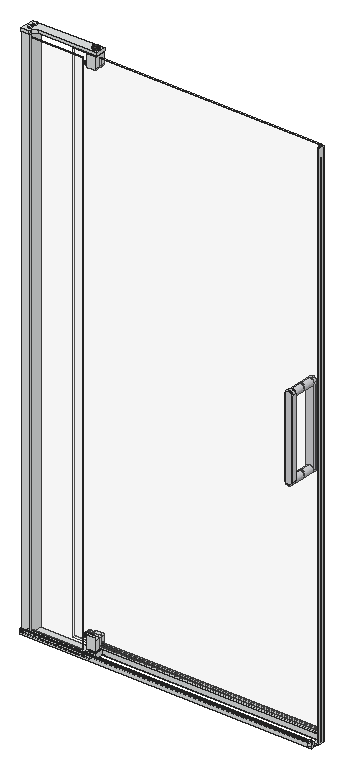
Revit family "Shower-Shower_Door-KOHLER-Revel-K-707536_1", category Specialty Equipment, host Face, Revit 2022 (continued)
Definition of nested family "K-707536"
  Dimensions and locks (in)
    aligned and locked: plane 29 to Masking region 3 sketch curve
    aligned and locked: Extrusion 35 sketch curve to plane 28
    aligned and locked: plane 22 to Extrusion 35
    aligned and locked: Masking region 3 sketch curve to plane 28
    aligned and locked: Masking region 1 sketch curve to plane 22
    aligned and locked: Masking region 1 sketch curve to plane 30
  Automatic sketch dimensions
    curve 91 to curve 92 = 0"  (x2)
    curve 91 to curve 93 = 0"  (x2)
    curve 91 to curve 94 = 0"  (x2)
    curve 91 to curve 95 = 0"  (x2)
    curve 92 to curve 93 = 0"  (x2)
    curve 92 to curve 94 = 0"  (x2)
    curve 92 to curve 95 = 0"  (x2)
    curve 93 to curve 94 = 0"  (x2)
    curve 93 to curve 95 = 0"  (x2)
    curve 94 to curve 95 = 0"  (x2)
    curve 143 to curve 144 = 0"  (x2)
    curve 143 to curve 145 = 0"  (x2)
    curve 143 to curve 146 = 0"  (x2)
    curve 144 to curve 145 = 0"  (x2)
    curve 144 to curve 146 = 0"  (x2)
    curve 145 to curve 146 = 0"  (x2)
    curve 80 to plane 4 = 0"
    curve 74 to plane 14 = 0"
    plane 1 "Center (Front/Back)" to curve 94 = 0"
    curve 75 to plane 14 = 0"
    curve 78 to plane 27 = 0"
    curve 147 to plane 27 = 0"
    plane 15 to curve 135 = 0"
    plane 15 to curve 136 = 0"
    curve 150 to plane 29 = 0"
    curve 159 to plane 31 = 0"
    curve 153 to plane 30 = 0"
    curve 161 to plane 30 = 0"
    curve 152 to plane 30 = 0"
    plane 15 to curve 150 = 0"
    plane 19 "A" to curve 131 = 0.03673"
    plane 18 to curve 131 = 0.13423"
    plane 20 "B" to curve 116 = 0.03673"
    plane 18 to curve 116 = 0.13423"
    plane 18 to curve 128 = 0.03673"
    plane 18 to curve 123 = 0.03673"
    plane 18 to curve 108 = 0.03673"
    plane 18 to curve 119 = 0.03673"
    curve 118 to plane 18 = 0.03673"
    curve 109 to plane 18 = 0.03673"
    curve 130 to plane 18 = 0.03673"
    curve 124 to plane 18 = 0.03673"
    curve 125 to plane 19 "A" = 0.03673"
    curve 122 to curve 125 = 0.0975"
    plane 20 "B" to curve 112 = 0.03673"
    curve 110 to curve 112 = 0.0975"
    curve 81 to curve 81 = 0.09093"
    curve 85 to plane 5 = 61/256"
    curve 84 to plane 5 = 0.03"
    curve 83 to plane 5 = 0.03"
    plane 1 "Center (Front/Back)" to curve 102 = 0.02884"
    plane 5 to curve 102 = 0.76063"
    plane 20 "B" to curve 141 = 0.16284"
    curve 102 to curve 141 = 0.04852"
    curve 102 to curve 96 = 0.09966"
    curve 102 to curve 104 = 0.09966"
    curve 141 to curve 143 = 0.07988"
    curve 96 to curve 140 = 0.02874"
    curve 140 to curve 94 = 0.0001"
    curve 95 to curve 103 = 0.02884"
    curve 140 to curve 100 = 0.02895"
    plane 1 "Center (Front/Back)" to curve 103 = 0.02884"
    curve 103 to curve 103 = 0.09966"
    plane 1 "Center (Front/Back)" to curve 142 = 0.04856"
    curve 142 to plane 27 = 0.23277"
    curve 157 to plane 31 = 0.03365"
    plane 31 to curve 158 = 0.01322"
    plane 31 to curve 156 = 0.02423"
    curve 156 to curve 154 = 0.00633"
    curve 155 to curve 153 = 0.05885"
    plane 31 to curve 155 = 0.08389"
    plane 1 "Center (Front/Back)" to curve 160 = 0.00425"
    curve 155 to curve 160 = 0.02009"
    plane 31 to curve 162 = 0.15086"
    curve 163 to curve 163 = 0.02441"
    curve 148 to plane 30 = 0.05767"
    curve 147 to plane 30 = 0.05767"
    curve 80 to curve 79 = 0.1652"
    curve 84 to plane 15 = 0.4581"
    curve 84 to curve 85 = 0.11575"
    curve 130 to curve 129 = 0.0975"
    plane 19 "A" to curve 130 = 0.03673"
    curve 127 to plane 19 "A" = 0.03673"
    curve 120 to curve 121 = 0.0975"
    plane 1 "Center (Front/Back)" to curve 162 = 0.18411"
    curve 163 to curve 148 = 0.02361"
    curve 104 to curve 104 = 0.09966"
    curve 101 to plane 1 "Center (Front/Back)" = 0.02884"
    curve 96 to plane 1 "Center (Front/Back)" = 0.02884"
    curve 96 to curve 140 = 0.00248"
    curve 155 to plane 1 "Center (Front/Back)" = 0.09118"
    curve 99 to curve 97 = 0.09966"
    curve 155 to curve 154 = 0.06544"
    curve 154 to curve 156 = 0.00927"
    curve 111 to plane 20 "B" = 0.13423"
    curve 158 to plane 20 "B" = 0.03683"
    curve 114 to plane 20 "B" = 0.03673"
    curve 119 to plane 20 "B" = 0.03673"
    curve 158 to curve 157 = 0.0175"
    curve 108 to curve 108 = 0.0975"
    curve 141 to curve 144 = 0.00699"
    curve 88 to curve 81 = 0.00607"
    plane 5 to curve 87 = 0.27052"
    plane 5 to curve 74 = 0.38638"
    curve 94 to curve 102 = 0.2311"
    curve 92 to curve 102 = 0.08693"
    plane 20 "B" to curve 141 = 0.01706"
    curve 74 to curve 141 = 0.00276"
    curve 140 to curve 141 = 0"
    curve 143 to curve 141 = 0.01712"
    curve 141 to curve 144 = 0.00256"
    curve 146 to curve 75 = 0.02854"
    plane 1 "Center (Front/Back)" to curve 142 = 0.13925"
    curve 75 to plane 27 = 0.1683"
    curve 89 to plane 27 = 0.04478"
    curve 135 to plane 19 "A" = 0.21563"
    curve 135 to plane 6 "K" = 0.49213"
    curve 132 to plane 20 "B" = 0.11924"
    curve 132 to plane 6 "K" = 0.49213"
    curve 138 to plane 6 "K" = 0.49213"
    plane 6 "K" to curve 136 = 0.49213"
    curve 134 to curve 136 = 0"
    plane 6 "K" to curve 138 = 0.49213"
    curve 156 to plane 29 = 0.05792"
    curve 156 to curve 139 = 0.00498"
    curve 163 to curve 161 = 0.0027"
    plane 30 to curve 162 = 0.01307"
    curve 136 to curve 137 = 0.05765"
    curve 137 to curve 151 = 0.2007"
    curve 151 to curve 152 = 0.06438"
    curve 87 to curve 90 = 0.123"
    curve 89 to curve 87 = 0.11678"
    curve 162 to plane 19 "A" = 0.03474"
    curve 162 to curve 161 = 0.0941"
    curve 77 to curve 148 = 0.17575"
    curve 150 to plane 19 "A" = 0.21563"
    curve 136 to plane 19 "A" = 0.21563"
    curve 76 to curve 148 = 0.06517"
    curve 76 to plane 14 = 0.19046"
    curve 133 to plane 14 = 0.19046"
    curve 134 to plane 14 = 0.19046"
    plane 12 to curve 138 = 0.51403"
    curve 35 to curve 36 = 0"  (x2)
    plane 4 to curve 3 = 0"
    plane 4 to curve 5 = 0"
    curve 1 to plane 7 = 0"
    curve 4 to plane 16 = 0"
    curve 4 to plane 17 = 0"
    curve 3 to plane 8 = 0"
    curve 14 to plane 21 "C" = 0"
    curve 6 to plane 5 = 0"
    curve 5 to plane 5 = 0"
    curve 33 to plane 17 = 0"
    curve 13 to plane 16 = 0"
    curve 20 to plane 8 = 0"
    curve 23 to plane 7 = 0"
    curve 34 to plane 17 = 0"
    curve 15 to plane 16 = 0"
    curve 166 to plane 22 = 0"
    curve 17 to plane 30 = 0"
    curve 165 to plane 30 = 0"
    curve 149 to level = 0"
    curve 149 to plane 22 = 0"
    curve 167 to level = 0"
    curve 35 to plane 9 "D" = 0"
    curve 6 to plane 17 = 0"
    curve 14 to plane 5 = 0.03234"
    plane 9 "D" to curve 33 = 0.02692"
    plane 5 to curve 33 = 0.26228"
    curve 7 to plane 21 "C" = 0.03784"
    plane 5 to curve 7 = 0.28002"
    plane 9 "D" to curve 30 = 0.27933"
    curve 8 to curve 8 = 0.24016"
    curve 30 to plane 27 = 0.31124"
    curve 10 to plane 21 "C" = 0.03893"
    curve 10 to plane 27 = 0.28385"
    plane 9 "D" to curve 34 = 0.02692"
    plane 31 to curve 166 = 0.15086"
    plane 16 to curve 18 = 0.04195"
    plane 7 to curve 2 = 0.03277"
    plane 18 to curve 2 = 0.246"
    curve 2 to curve 1 = 0"  (x2)
    curve 1 to plane 18 = 0.246"
    curve 4 to plane 18 = 0.48083"
    curve 1 to curve 3 = 0.23863"
    plane 5 to curve 22 = 0.26706"
    curve 31 to curve 36 = 0.02188"
    plane 26 to curve 25 = 0.16051"
    plane 5 to curve 25 = 0.56409"
    plane 16 to curve 12 = 0.12358"
    curve 7 to curve 12 = 0.37288"
    curve 12 to curve 13 = 0"
    curve 25 to curve 24 = 23/256"
    curve 22 to curve 20 = 0.38688"
    curve 24 to curve 23 = 0"  (x2)
    curve 20 to curve 21 = 0"  (x2)
    curve 20 to plane 27 = 0.45049"
    curve 23 to curve 20 = 0"
    curve 13 to curve 11 = 0.40467"
    curve 13 to curve 12 = 0.00481"
    curve 24 to curve 25 = 23/256"
    curve 22 to plane 27 = 0.06361"
    curve 15 to plane 27 = 0.04478"
    curve 168 to plane 29 = 0.05794"
    curve 149 to plane 28 = 0.05484"
    curve 16 to level = 0.00013"
    curve 18 to curve 15 = 0.13054"
    plane 16 to curve 11 = 0.16295"
    curve 166 to curve 19 = 0.42563"
    plane 16 to curve 6 = 0.46758"
    curve 7 to curve 6 = 0"
    plane 21 "C" to curve 14 = 0.31068"
    curve 35 to plane 9 "D" = 0.16965"
    curve 22 to plane 8 = 0.13399"
    curve 21 to plane 8 = 0.07121"
    curve 24 to curve 25 = 0.063"
    Extrusion 1 sketch curve to level = 0"
    Extrusion 1 sketch curve to plane 15 = 0.06835"
    Extrusion 1 sketch curve to Extrusion 1 sketch curve = 0.0575"
    Extrusion 1 sketch curve to Extrusion 1 sketch curve = 0.00517"
    Extrusion 1 sketch curve to Extrusion 1 sketch curve = 0.01419"
    Extrusion 1 sketch curve to Extrusion 1 sketch curve = 0.06095"
    level to Extrusion 1 sketch curve = 1/16"
    Extrusion 1 sketch curve to plane 19 "A" = 0.24875"
    Extrusion 1 sketch curve to Extrusion 1 sketch curve = 0.0269"
    Extrusion 1 sketch curve to plane 14 = 0.11294"
    Extrusion 1 sketch curve to plane 14 = 0.10972"
    level to Extrusion 1 sketch curve = 0.0362"
    level to Extrusion 1 sketch curve = 0.1353"
    Extrusion 1 sketch curve to Extrusion 1 sketch curve = 0.18081"
    Extrusion 1 sketch curve to plane 16 = 0.14992"
    Extrusion 2 sketch curve to plane 15 = 0"
    Extrusion 2 sketch curve to plane 16 = 0"
    Extrusion 2 sketch curve to level = 0"
    Extrusion 2 sketch curve to Extrusion 2 sketch curve = 0.02565"
    Extrusion 2 sketch curve to Extrusion 2 sketch curve = 0.04849"
    Extrusion 2 sketch curve to plane 15 = 0.06835"
    Extrusion 2 sketch curve to Extrusion 2 sketch curve = 0.01986"
    Extrusion 2 sketch curve to Extrusion 2 sketch curve = 0.13"
    Extrusion 2 sketch curve to Extrusion 2 sketch curve = 0.03"
    Extrusion 2 sketch curve to Extrusion 2 sketch curve = 0.02306"
    level to Extrusion 2 sketch curve = 0.06"
    Extrusion 2 sketch curve to plane 19 "A" = 0.21563"
    Extrusion 2 sketch curve to level = 0.00012"
    Extrusion 2 sketch curve to Extrusion 2 sketch curve = 0.05002"
    Extrusion 2 sketch curve to Extrusion 2 sketch curve = 0.06012"
    Extrusion 2 sketch curve to Extrusion 2 sketch curve = 0.23886"
    Extrusion 2 sketch curve to Extrusion 2 sketch curve = 0.03927"
    Extrusion 3 sketch curve to plane 15 = 0"
    Extrusion 3 sketch curve to plane 16 = 0"
    plane 15 to Extrusion 3 sketch curve = 0.01592"
    Extrusion 3 sketch curve to Extrusion 3 sketch curve = 0.01926"
    Extrusion 3 sketch curve to plane 15 = 0.27398"
    Extrusion 3 sketch curve to Extrusion 3 sketch curve = 0.02839"
    level to Extrusion 3 sketch curve = 0.12718"
    Extrusion 3 sketch curve to Extrusion 3 sketch curve = 0.02873"
    Extrusion 3 sketch curve to Extrusion 3 sketch curve = 0.00215"
    Extrusion 3 sketch curve to Extrusion 3 sketch curve = 0.01786"
    Extrusion 3 sketch curve to Extrusion 3 sketch curve = 0.03964"
    level to Extrusion 3 sketch curve = 0.02652"
    Extrusion 3 sketch curve to plane 19 "A" = 0.24875"
    Extrusion 3 sketch curve to level = 0.00012"
    Extrusion 3 sketch curve to plane 20 "B" = 0.05137"
    Extrusion 3 sketch curve to plane 20 "B" = 0.04724"
    Extrusion 3 sketch curve to plane 20 "B" = 0.01862"
    level to Extrusion 3 sketch curve = 0.03588"
    Extrusion 3 sketch curve to Extrusion 3 sketch curve = 0.03586"
    Extrusion 3 sketch curve to Extrusion 3 sketch curve = 0.17605"
    plane 16 to Extrusion 3 sketch curve = 0.01936"
    Extrusion 4 sketch curve to plane 4 = 0"  (x3)
    Extrusion 4 sketch curve to Extrusion 4 sketch curve = 0.0602"  (x3)
    plane 18 to Extrusion 4 sketch curve = 0.07962"  (x2)
    Extrusion 4 sketch curve to plane 18 = 0.12868"
    Extrusion 4 sketch curve to Extrusion 4 sketch curve = 0.35216"
    Extrusion 4 sketch curve to plane 14 = 0.06541"
    Extrusion 4 sketch curve to plane 18 = 0.48463"
    Extrusion 4 sketch curve to Extrusion 4 sketch curve = 0.08028"
    Extrusion 4 sketch curve to plane 20 "B" = 0.05739"
    Extrusion 4 sketch curve to Extrusion 4 sketch curve = 0.06414"
    Extrusion 4 sketch curve to plane 19 "A" = 0.12285"
    Extrusion 4 sketch curve to plane 19 "A" = 0.05862"
    plane 19 "A" to Extrusion 4 sketch curve = 0.29112"
    Extrusion 4 sketch curve to Extrusion 4 sketch curve = 0.11575"
    Extrusion 4 sketch curve to plane 15 = 0.32135"
    Extrusion 4 sketch curve to Extrusion 4 sketch curve = 0.063"
    plane 18 to Extrusion 5 sketch curve = 0.07962"  (x2)
    Extrusion 5 sketch curve to plane 18 = 0.12868"
    Extrusion 5 sketch curve to plane 5 = 61/256"
    Extrusion 5 sketch curve to plane 5 = 0.03"  (x2)
    Extrusion 5 sketch curve to plane 15 = 0.4581"
    Extrusion 5 sketch curve to Extrusion 5 sketch curve = 0.11575"
    Extrusion 6 sketch curve to plane 14 = 0"
    Extrusion 6 sketch curve to plane 15 = 0.20009"
    Extrusion 6 sketch curve to plane 18 = 0.45693"
    Extrusion 6 sketch curve to Extrusion 6 sketch curve = 0.09093"
    Extrusion 6 sketch curve to Extrusion 6 sketch curve = 0.51584"
    Extrusion 6 sketch curve to Extrusion 6 sketch curve = 0.07427"
    Revolve 7 sketch curve to plane 7 = 0.10388"
    Revolve 7 sketch curve to Revolve 7 sketch curve = 0.03277"
    Revolve 7 sketch curve to Revolve 7 sketch curve = 0.17753"
    Revolve 7 sketch curve to plane 26 = 0.02929"
    Revolve 7 sketch curve to Revolve 7 sketch curve = 0.2419"
    Revolve 8 sketch curve to Revolve 8 sketch curve = 0.03277"
    Revolve 8 sketch curve to Revolve 8 sketch curve = 0.17753"
    Revolve 8 sketch curve to plane 7 = 0.10388"
    plane 26 to Revolve 8 sketch curve = 0.01062"
    Revolve 8 sketch curve to plane 26 = 0.13893"
    Extrusion 9 sketch curve to level = 0"
    Extrusion 9 sketch curve to plane 15 = 0.06835"
    Extrusion 9 sketch curve to Extrusion 9 sketch curve = 0.0575"
    Extrusion 9 sketch curve to Extrusion 9 sketch curve = 0.11628"
    Extrusion 9 sketch curve to Extrusion 9 sketch curve = 0.01"
    Extrusion 9 sketch curve to Extrusion 9 sketch curve = 0.0365"
    Extrusion 9 sketch curve to plane 16 = 0.00492"  (x2)
    Extrusion 9 sketch curve to Extrusion 9 sketch curve = 0.03091"
    Extrusion 9 sketch curve to Extrusion 9 sketch curve = 0.05911"
    Extrusion 9 sketch curve to Extrusion 9 sketch curve = 1/8"
    Extrusion 9 sketch curve to Extrusion 9 sketch curve = 0.04573"
    Extrusion 9 sketch curve to Extrusion 9 sketch curve = 0.27637"
    Extrusion 9 sketch curve to Extrusion 9 sketch curve = 0.06091"
    Extrusion 9 sketch curve to Extrusion 9 sketch curve = 0.04562"
    level to Extrusion 9 sketch curve = 1/16"
    Extrusion 9 sketch curve to plane 19 "A" = 0.24913"
    Extrusion 9 sketch curve to Extrusion 9 sketch curve = 1/32"
    Extrusion 9 sketch curve to plane 14 = 0.07674"
    level to Extrusion 9 sketch curve = 0.13559"
    level to Extrusion 9 sketch curve = 1/4"
    Extrusion 9 sketch curve to Extrusion 9 sketch curve = 0.05172"
    Extrusion 9 sketch curve to plane 16 = 0.14992"
    Extrusion 10 sketch curve to plane 21 "C" = 0.03784"
    plane 5 to Extrusion 10 sketch curve = 0.28002"
    Extrusion 10 sketch curve to Extrusion 10 sketch curve = 0.03852"
    Extrusion 10 sketch curve to Extrusion 10 sketch curve = 0.24016"
    Extrusion 10 sketch curve to plane 21 "C" = 0.03893"
    Extrusion 10 sketch curve to plane 27 = 0.28385"
    Extrusion 10 sketch curve to Extrusion 10 sketch curve = 0.03937"
    plane 16 to Extrusion 10 sketch curve = 0.16295"
    plane 1 "Center (Front/Back)" to Extrusion 11 sketch curve = 0.223"
    Extrusion 11 sketch curve to plane 20 "B" = 0.04449"
    plane 16 to Extrusion 11 sketch curve = 0.46758"
    Extrusion 11 sketch curve to plane 21 "C" = 0.5088"
    plane 5 to Extrusion 12 sketch curve = 0.29971"
    Extrusion 12 sketch curve to plane 21 "C" = 0.25831"
    Extrusion 12 sketch curve to Extrusion 12 sketch curve = 0.22047"
    Extrusion 12 sketch curve to plane 21 "C" = 0.03893"
    Extrusion 12 sketch curve to plane 27 = 0.28385"
    plane 16 to Extrusion 12 sketch curve = 0.46758"
    plane 20 "B" to Revolve 13 sketch curve = 0.069"
    plane 20 "B" to Revolve 13 sketch curve = 0.02888"
    Revolve 13 sketch curve to plane 20 "B" = 0.14723"
    Revolve 13 sketch curve to Revolve 13 sketch curve = 0.03917"  (x2)
    plane 1 "Center (Front/Back)" to Revolve 13 sketch curve = 0.097"
    Revolve 13 sketch curve to Revolve 13 sketch curve = 0.17611"
    Revolve 13 sketch curve to plane 5 = 0.03234"  (x2)
    Revolve 13 sketch curve to plane 19 "A" = 0.19948"
    Revolve 13 sketch curve to plane 5 = 0.18945"
    Revolve 13 sketch curve to Revolve 13 sketch curve = 0.1116"  (x2)
    Revolve 13 sketch curve to Revolve 13 sketch curve = 0.00353"  (x2)
    Revolve 13 sketch curve to Revolve 13 sketch curve = 0.138"
    Revolve 13 sketch curve to Revolve 13 sketch curve = 0"
    plane 5 to Extrusion 14 sketch curve = 0.48346"
    Extrusion 14 sketch curve to Extrusion 14 sketch curve = 0.10908"  (x7)
    Extrusion 14 sketch curve to Extrusion 14 sketch curve = 0.40681"
    Extrusion 14 sketch curve to Extrusion 14 sketch curve = 0"  (x2)
    plane 21 "C" to Extrusion 14 sketch curve = 0.69196"
    Extrusion 14 sketch curve to Extrusion 14 sketch curve = 0.06298"  (x6)
    Extrusion 14 sketch curve to Extrusion 14 sketch curve = 0.12596"  (x6)
    Revolve 15 sketch curve to plane 5 = 0"  (x2)
    plane 20 "B" to Revolve 15 sketch curve = 0.07592"
    plane 20 "B" to Revolve 15 sketch curve = 0.0358"
    Revolve 15 sketch curve to plane 20 "B" = 0.14031"
    Revolve 15 sketch curve to Revolve 15 sketch curve = 0.03917"  (x2)
    plane 1 "Center (Front/Back)" to Revolve 15 sketch curve = 0.09007"
    Revolve 15 sketch curve to Revolve 15 sketch curve = 0.17611"
    Revolve 15 sketch curve to Revolve 15 sketch curve = 0.04012"
    Revolve 15 sketch curve to plane 5 = 0.15711"
    Revolve 15 sketch curve to Revolve 15 sketch curve = 0.1116"  (x2)
    Revolve 15 sketch curve to Revolve 15 sketch curve = 0.00353"  (x2)
    Revolve 15 sketch curve to Revolve 15 sketch curve = 0.04117"
    Revolve 15 sketch curve to Revolve 15 sketch curve = 0.03191"
    plane 1 "Center (Front/Back)" to Extrusion 16 sketch curve = 0.1776"
    plane 1 "Center (Front/Back)" to Extrusion 16 sketch curve = 0.13662"
    Extrusion 16 sketch curve to Extrusion 16 sketch curve = 0.01969"
    plane 1 "Center (Front/Back)" to Extrusion 16 sketch curve = 0.097"
    Extrusion 16 sketch curve to plane 1 "Center (Front/Back)" = 0.019"
    Extrusion 16 sketch curve to plane 1 "Center (Front/Back)" = 0.135"
    Extrusion 16 sketch curve to Extrusion 16 sketch curve = 0.01577"
    Extrusion 16 sketch curve to Extrusion 16 sketch curve = 0.06816"
    Extrusion 16 sketch curve to Extrusion 16 sketch curve = 0.02029"
    Extrusion 16 sketch curve to plane 20 "B" = 0.06943"
    Extrusion 16 sketch curve to plane 20 "B" = 0.05981"
    Extrusion 16 sketch curve to plane 20 "B" = 0.04455"
    Extrusion 16 sketch curve to Extrusion 16 sketch curve = 0.00192"
    Extrusion 16 sketch curve to Extrusion 16 sketch curve = 0.02195"
    Extrusion 16 sketch curve to plane 20 "B" = 0.0158"
    plane 20 "B" to Extrusion 16 sketch curve = 0.02709"
    plane 20 "B" to Extrusion 16 sketch curve = 0.1554"
    Extrusion 16 sketch curve to Extrusion 16 sketch curve = 0.13668"
    Extrusion 16 sketch curve to plane 14 = 0.10279"
    plane 12 to Extrusion 16 sketch curve = 0.13751"
    level to Extrusion 16 sketch curve = 0.02205"
    plane 16 to Extrusion 16 sketch curve = 0.38094"
    plane 16 to Extrusion 16 sketch curve = 0.46758"
    Extrusion 16 sketch curve to Extrusion 16 sketch curve = 0.05297"
    Extrusion 16 sketch curve to Extrusion 16 sketch curve = 0.06092"
    Extrusion 16 sketch curve to Extrusion 16 sketch curve = 0.00797"
    Extrusion 16 sketch curve to Extrusion 16 sketch curve = 0.08"
    Extrusion 16 sketch curve to Extrusion 16 sketch curve = 0.0482"
    Extrusion 16 sketch curve to Extrusion 16 sketch curve = 0.00549"
    Extrusion 16 sketch curve to Extrusion 16 sketch curve = 0.13016"
    Extrusion 16 sketch curve to Extrusion 16 sketch curve = 0.17562"
    Extrusion 16 sketch curve to Extrusion 16 sketch curve = 0.03365"
    Extrusion 16 sketch curve to Extrusion 16 sketch curve = 0.22138"
    Extrusion 16 sketch curve to Extrusion 16 sketch curve = 0.42658"
    Extrusion 16 sketch curve to Extrusion 16 sketch curve = 0.04739"
    Extrusion 16 sketch curve to plane 21 "C" = 0.6411"
    Extrusion 16 sketch curve to Extrusion 16 sketch curve = 0"  (x4)
    Extrusion 16 sketch curve to plane 20 "B" = 0.00715"
    Extrusion 16 sketch curve to Extrusion 16 sketch curve = 0.00661"
    Extrusion 17 sketch curve to Extrusion 17 sketch curve = 0.03321"  (x2)
    plane 9 "D" to Extrusion 17 sketch curve = 0.02692"  (x2)
    Extrusion 17 sketch curve to plane 27 = 0.05882"
    plane 5 to Extrusion 17 sketch curve = 0.51469"
    plane 1 "Center (Front/Back)" to Extrusion 18 sketch curve = 0.22762"
    Extrusion 18 sketch curve to plane 20 "B" = 0.08637"
    plane 5 to Extrusion 19 sketch curve = 0.28196"
    plane 9 "D" to Extrusion 19 sketch curve = 0.02692"  (x2)
    Extrusion 19 sketch curve to Extrusion 19 sketch curve = 0.23273"
    Extrusion 19 sketch curve to plane 27 = 0.31124"
    plane 1 "Center (Front/Back)" to Extrusion 20 sketch curve = 0.1605"
    Extrusion 20 sketch curve to plane 5 = 2.07363"
    Extrusion 20 sketch curve to plane 1 "Center (Front/Back)" = 0.152"
    Extrusion 20 sketch curve to Extrusion 20 sketch curve = 0"
    Extrusion 20 sketch curve to Extrusion 20 sketch curve = 0.19516"
    plane 1 "Center (Front/Back)" to Extrusion 20 sketch curve = 0.00425"
    plane 31 to Extrusion 20 sketch curve = 0.10398"
    plane 23 to Extrusion 21 sketch curve = 0.06719"  (x4)
    plane 5 to Extrusion 21 sketch curve = 0.46627"
    Extrusion 21 sketch curve to plane 23 = 0.12174"  (x2)
    Extrusion 21 sketch curve to Extrusion 21 sketch curve = 0.10908"  (x7)
    plane 23 to Extrusion 21 sketch curve = 0.00422"  (x2)
    Extrusion 21 sketch curve to plane 22 = 0.12366"  (x2)
    Extrusion 21 sketch curve to Extrusion 21 sketch curve = 0.40862"
    Extrusion 21 sketch curve to Extrusion 21 sketch curve = 0"
    Extrusion 21 sketch curve to plane 23 = 0.05876"  (x4)
    Revolve 22 sketch curve to plane 11 = 0"
    plane 24 to Revolve 22 sketch curve = 0.24424"
    plane 12 to Revolve 22 sketch curve = 0.51403"
    Revolve 22 sketch curve to plane 1 "Center (Front/Back)" = 0.135"
    plane 1 "Center (Front/Back)" to Revolve 22 sketch curve = 0.097"
    Revolve 22 sketch curve to plane 15 = 0.05765"
    Revolve 22 sketch curve to plane 12 = 1.06078"
    Revolve 22 sketch curve to Revolve 22 sketch curve = 0.3937"
    plane 1 "Center (Front/Back)" to Revolve 23 sketch curve = 0.097"
    Revolve 23 sketch curve to plane 25 = 0.24424"
    Revolve 23 sketch curve to plane 1 "Center (Front/Back)" = 0.135"
    plane 12 to Revolve 23 sketch curve = 0.51403"
    Revolve 23 sketch curve to plane 15 = 0.05765"
    Revolve 23 sketch curve to plane 12 = 3.81668"
    Revolve 23 sketch curve to Revolve 23 sketch curve = 0.7874"
    Sweep 24 sketch curve to profile plane = 0"
    Sweep 24 sketch curve to profile plane = 0.03819"
    Sweep 24 sketch curve to Sweep 24 sketch curve = 0.03217"
    plane 1 "Center (Front/Back)" to Sweep 24 sketch curve = 1.47495"
    Sweep 24 sketch curve to Sweep 24 sketch curve = 0.48457"
    Extrusion 25 sketch curve to plane 25 = 0"
    Sweep 26 sketch curve to profile plane = 0"
    profile plane to Sweep 26 sketch curve = 0.03596"
    Sweep 26 sketch curve to Sweep 26 sketch curve = 0.04726"
    Sweep 26 sketch curve to plane 1 "Center (Front/Back)" = 2.10994"
    Sweep 26 sketch curve to Sweep 26 sketch curve = 0.47807"
    Extrusion 27 sketch curve to plane 25 = 0"
    Extrusion 27 sketch curve to plane 24 = 0"
    plane 1 "Center (Front/Back)" to Extrusion 28 sketch curve = 0"
    Extrusion 28 sketch curve to plane 27 = 0.68567"
    Masking region 1 sketch curve to Masking region 1 sketch curve = 0"  (x4)
    plane 18 to Masking region 1 sketch curve = 0"
    Masking region 1 sketch curve to plane 7 = 0"  (x2)
    Masking region 1 sketch curve to plane 5 = 0"
    Masking region 1 sketch curve to plane 26 = 0"
    Masking region 1 sketch curve to plane 16 = 0"  (x2)
    Masking region 1 sketch curve to plane 8 = 0"
    Masking region 1 sketch curve to plane 17 = 0"
    Masking region 1 sketch curve to plane 28 = 0"
    Masking region 1 sketch curve to level = 0"
    plane 18 to Masking region 1 sketch curve = 0.246"
    plane 7 to Masking region 1 sketch curve = 0.03277"
    Masking region 1 sketch curve to plane 18 = 0.246"
    plane 5 to Masking region 1 sketch curve = 0.26228"
    Masking region 1 sketch curve to plane 8 = 0.07121"  (x2)
    Masking region 1 sketch curve to Masking region 1 sketch curve = 0.00478"
    Masking region 1 sketch curve to Masking region 1 sketch curve = 0.28002"
    Masking region 1 sketch curve to Masking region 1 sketch curve = 0.03852"
    Masking region 1 sketch curve to Masking region 1 sketch curve = 0.11286"
    plane 7 to Masking region 1 sketch curve = 0.1409"  (x2)
    plane 5 to Masking region 1 sketch curve = 0.52953"
    plane 26 to Masking region 1 sketch curve = 0.16051"  (x2)
    Masking region 1 sketch curve to Masking region 1 sketch curve = 0.03457"  (x2)
    plane 26 to Masking region 1 sketch curve = 0.02092"  (x2)
    Masking region 1 sketch curve to Masking region 1 sketch curve = 0.01962"
    plane 26 to Masking region 1 sketch curve = 0.02431"
    Masking region 1 sketch curve to Masking region 1 sketch curve = 0.33436"
    Masking region 1 sketch curve to Masking region 1 sketch curve = 0.12442"
    Masking region 1 sketch curve to Masking region 1 sketch curve = 0.27402"
    Masking region 1 sketch curve to plane 27 = 0.45049"
    plane 16 to Masking region 1 sketch curve = 0.12358"
    Masking region 1 sketch curve to plane 27 = 0.44945"
    Masking region 1 sketch curve to Masking region 1 sketch curve = 0.04616"
    Masking region 1 sketch curve to Masking region 1 sketch curve = 0.02407"
    Masking region 1 sketch curve to Masking region 1 sketch curve = 23/256"
    Masking region 1 sketch curve to plane 27 = 0.17647"
    Masking region 1 sketch curve to plane 27 = 0.08415"
    Masking region 1 sketch curve to plane 27 = 0.06361"
    Masking region 1 sketch curve to plane 27 = 0.05882"
    Masking region 1 sketch curve to plane 27 = 0.04478"
    Masking region 1 sketch curve to Masking region 1 sketch curve = 0.12358"
    Masking region 1 sketch curve to Masking region 1 sketch curve = 0.03937"
    Masking region 1 sketch curve to Masking region 1 sketch curve = 0.30548"
    Masking region 1 sketch curve to Masking region 1 sketch curve = 0.09599"  (x2)
    Masking region 1 sketch curve to plane 7 = 0.10415"
    Masking region 2 sketch curve to Masking region 2 sketch curve = 0"  (x7)
    Masking region 2 sketch curve to level = 0"  (x2)
    Masking region 2 sketch curve to plane 15 = 0"  (x2)
    Masking region 2 sketch curve to plane 10 = 0"
    Masking region 2 sketch curve to plane 12 = 0"
    Masking region 2 sketch curve to plane 13 = 0"
    Masking region 2 sketch curve to plane 11 = 0"  (x2)
    Masking region 2 sketch curve to plane 8 = 0"
    Masking region 2 sketch curve to plane 19 "A" = 0"
    Masking region 2 sketch curve to plane 20 "B" = 0"
    Masking region 2 sketch curve to plane 7 = 0"  (x2)
    Masking region 2 sketch curve to plane 14 = 0"
    Masking region 2 sketch curve to level = 0.00012"
    level to Masking region 2 sketch curve = 0.01986"
    Masking region 2 sketch curve to Masking region 2 sketch curve = 0.0269"
    level to Masking region 2 sketch curve = 0.03587"
    Masking region 2 sketch curve to Masking region 2 sketch curve = 0.0331"
    Masking region 2 sketch curve to Masking region 2 sketch curve = 0.00251"
    Masking region 2 sketch curve to Masking region 2 sketch curve = 0.05002"
    Masking region 2 sketch curve to Masking region 2 sketch curve = 0.06012"
    Masking region 2 sketch curve to Masking region 2 sketch curve = 0.0053"
    level to Masking region 2 sketch curve = 0.21702"
    Masking region 2 sketch curve to Masking region 2 sketch curve = 0.03298"  (x2)
    Masking region 2 sketch curve to Masking region 2 sketch curve = 0.12887"
    Masking region 2 sketch curve to Masking region 2 sketch curve = 0.04783"
    Masking region 2 sketch curve to Masking region 2 sketch curve = 0.04523"
    Masking region 2 sketch curve to Masking region 2 sketch curve = 0.056"
    Masking region 2 sketch curve to Masking region 2 sketch curve = 0.112"
    Masking region 2 sketch curve to plane 16 = 0.06492"
    plane 16 to Masking region 2 sketch curve = 0.01936"
    Masking region 2 sketch curve to Masking region 2 sketch curve = 0.0226"
    Masking region 2 sketch curve to plane 14 = 0.01249"  (x4)
    plane 16 to Masking region 2 sketch curve = 0.12358"
    plane 14 to Masking region 2 sketch curve = 0.03695"  (x2)
    Masking region 2 sketch curve to Masking region 2 sketch curve = 0.65502"
    plane 21 "C" to Masking region 2 sketch curve = 0.37702"
    Masking region 2 sketch curve to plane 21 "C" = 0.278"
    Masking region 2 sketch curve to Masking region 2 sketch curve = 0.03937"
    Masking region 2 sketch curve to Masking region 2 sketch curve = 0.04189"
    Masking region 2 sketch curve to plane 15 = 0.05765"
    plane 25 to Masking region 2 sketch curve = 0.49008"
    Masking region 2 sketch curve to plane 14 = 0.06541"  (x3)
    plane 25 to Masking region 2 sketch curve = 0.49213"
    Masking region 2 sketch curve to plane 24 = 0.49213"  (x2)
    Masking region 2 sketch curve to plane 11 = 0.03937"
    Masking region 2 sketch curve to plane 11 = 0.03773"
    plane 9 "D" to Masking region 2 sketch curve = 0.27933"
    Masking region 2 sketch curve to plane 23 = 0.18476"
    Masking region 2 sketch curve to plane 22 = 0.06065"
    Masking region 2 sketch curve to plane 8 = 0.13399"
    Masking region 2 sketch curve to plane 7 = 0.10301"  (x2)
    plane 7 to Masking region 2 sketch curve = 0.03265"  (x3)
    Masking region 2 sketch curve to Masking region 2 sketch curve = 0.10825"
    plane 20 "B" to Masking region 2 sketch curve = 0.05679"
    plane 7 to Masking region 2 sketch curve = 0.17155"
    plane 20 "B" to Masking region 2 sketch curve = 0.03811"
    Masking region 2 sketch curve to Masking region 2 sketch curve = 0.03235"
    Masking region 2 sketch curve to Masking region 2 sketch curve = 0.063"
    plane 26 to Masking region 2 sketch curve = 0.03296"  (x2)
    plane 26 to Masking region 2 sketch curve = 0.02837"  (x2)
    plane 12 to Masking region 2 sketch curve = 0.51403"
    Masking region 2 sketch curve to Masking region 2 sketch curve = 0.05292"  (x2)
    Masking region 2 sketch curve to plane 14 = 0.07674"
    plane 20 "B" to Masking region 2 sketch curve = 0.00335"
    Masking region 2 sketch curve to plane 20 "B" = 0.01523"
    plane 1 "Center (Front/Back)" to Masking region 2 sketch curve = 0.23689"
    Masking region 2 sketch curve to Masking region 2 sketch curve = 0.03674"
    Masking region 2 sketch curve to plane 19 "A" = 0.27565"
    Masking region 2 sketch curve to Masking region 2 sketch curve = 0.06964"
    Masking region 2 sketch curve to Masking region 2 sketch curve = 0.08795"
    Masking region 2 sketch curve to Masking region 2 sketch curve = 0.03313"
    Masking region 2 sketch curve to Masking region 2 sketch curve = 0.03477"
    Masking region 2 sketch curve to plane 15 = 0.25835"  (x2)
    Masking region 2 sketch curve to Masking region 2 sketch curve = 0.2007"
    Masking region 2 sketch curve to plane 15 = 0.25635"
    Masking region 2 sketch curve to Masking region 2 sketch curve = 0.028"
    Masking region 2 sketch curve to Masking region 2 sketch curve = 0.0365"
    Masking region 2 sketch curve to plane 15 = 0.20009"
    Masking region 2 sketch curve to Masking region 2 sketch curve = 0.01419"
    Masking region 2 sketch curve to Masking region 2 sketch curve = 0.00901"
    Masking region 2 sketch curve to Masking region 2 sketch curve = 0.0575"
    Masking region 2 sketch curve to plane 15 = 0.06835"  (x2)
    plane 15 to Masking region 2 sketch curve = 0.01592"
    curve 42 to level = 0"
    curve 41 to plane 15 = 0"
    curve 40 to plane 16 = 0"
    curve 53 to plane 10 = 0"
    curve 55 to plane 10 = 0"
    curve 56 to plane 10 = 0"
    curve 54 to plane 10 = 0"
    curve 60 to plane 11 = 0"
    curve 57 to plane 11 = 0"
    curve 59 to plane 11 = 0"
    curve 58 to plane 11 = 0"
    curve 50 to plane 8 = 0"
    curve 64 to plane 7 = 0"
    curve 65 to plane 7 = 0"
    level to curve 38 = 1/4"
    curve 41 to curve 41 = 0.02565"
    curve 39 to plane 16 = 0.02306"
    curve 69 to plane 20 "B" = 0.00166"
    curve 69 to plane 7 = 0.10106"
    plane 7 to curve 67 = 0.03265"
    curve 67 to plane 1 "Center (Front/Back)" = 0.07518"
    curve 38 to plane 15 = 0.25835"
    level to curve 44 = 0.06988"
    curve 44 to curve 44 = 0.06012"
    curve 44 to curve 43 = 0.13028"
    curve 43 to curve 41 = 0.12427"
    curve 40 to curve 38 = 0.04195"
    plane 16 to curve 45 = 0.12358"
    curve 46 to plane 14 = 0.01249"
    curve 45 to curve 46 = 0.65502"
    plane 21 "C" to curve 46 = 0.37702"
    curve 45 to plane 14 = 0.06541"
    curve 45 to plane 21 "C" = 0.278"
    curve 56 to plane 15 = 0.05765"
    plane 25 to curve 56 = 0.49008"
    curve 56 to curve 54 = 0"
    curve 53 to plane 14 = 0.06541"
    plane 25 to curve 53 = 0.49213"
    plane 25 to curve 55 = 0.49213"
    curve 57 to plane 14 = 0.06541"
    curve 57 to plane 24 = 0.49213"
    curve 60 to plane 15 = 0.05765"
    curve 60 to plane 24 = 0.49213"
    curve 60 to curve 59 = 0"
    curve 58 to plane 24 = 0.49213"
    curve 61 to plane 14 = 0.06541"
    plane 9 "D" to curve 61 = 0.27933"
    curve 62 to plane 14 = 0.01249"
    curve 62 to plane 23 = 0.18476"
    curve 62 to plane 22 = 0.06065"
    curve 61 to plane 8 = 0.13399"
    plane 7 to curve 66 = 0.03265"
    curve 71 to plane 20 "B" = 0.14018"
    plane 20 "B" to curve 69 = 0.05679"
    plane 20 "B" to curve 70 = 0.00355"
    curve 69 to curve 70 = 0.03235"
    curve 47 to plane 14 = 0.14569"
    curve 64 to plane 14 = 0.14464"
    curve 68 to curve 64 = 0"
    curve 37 to curve 47 = 0.03597"
    curve 63 to plane 14 = 0.06541"
    plane 12 to curve 55 = 0.51403"
    plane 12 to curve 58 = 0.51403"
    curve 48 to plane 20 "B" = 0.05739"
    curve 48 to curve 49 = 0.06414"
    plane 1 "Center (Front/Back)" to curve 71 = 0.23519"
    curve 71 to curve 64 = 0.0017"
    curve 64 to curve 66 = 0.06964"
    curve 65 to curve 66 = 0"
    curve 71 to curve 70 = 0.08965"
    curve 50 to plane 19 "A" = 0.12285"
    curve 51 to plane 19 "A" = 0.05862"
    plane 19 "A" to curve 65 = 0.24536"
    curve 66 to curve 65 = 0"
    curve 52 to plane 15 = 0.32135"
    curve 54 to curve 56 = 0.2007"
    curve 59 to curve 60 = 0.2007"
    curve 52 to curve 63 = 0.063"
    curve 43 to plane 15 = 0.06835"
    curve 44 to plane 15 = 0.06835"
    Masking region 3 sketch curve to plane 14 = 0"  (x3)
    Masking region 3 sketch curve to plane 27 = 0"  (x2)
    plane 15 to Masking region 3 sketch curve = 0"  (x2)
    plane 12 to Masking region 3 sketch curve = 0"
    plane 13 to Masking region 3 sketch curve = 0"
    Masking region 3 sketch curve to plane 6 "K" = 0"
    Masking region 3 sketch curve to plane 31 = 0"
    Masking region 3 sketch curve to plane 30 = 0"
    plane 5 to Masking region 3 sketch curve = 0.38638"
    plane 14 to Masking region 3 sketch curve = 0.03695"  (x2)
    Masking region 3 sketch curve to Masking region 3 sketch curve = 0.3937"
    Masking region 3 sketch curve to Masking region 3 sketch curve = 0.23449"
    Masking region 3 sketch curve to plane 27 = 0.1683"
    Masking region 3 sketch curve to plane 19 "A" = 0.21563"
    Masking region 3 sketch curve to plane 6 "K" = 0.49213"  (x3)
    Masking region 3 sketch curve to Masking region 3 sketch curve = 0.03693"
    Masking region 3 sketch curve to plane 13 = 0.05243"
    plane 6 "K" to Masking region 3 sketch curve = 0.4397"
    plane 12 to Masking region 3 sketch curve = 0.03693"
    plane 6 "K" to Masking region 3 sketch curve = 0.4552"
    plane 1 "Center (Front/Back)" to Masking region 3 sketch curve = 0.1776"
    plane 6 "K" to Masking region 3 sketch curve = 0.49213"
    Masking region 3 sketch curve to Masking region 3 sketch curve = 0.05243"
    plane 30 to Masking region 3 sketch curve = 0.03753"
    Masking region 3 sketch curve to plane 20 "B" = 0.03683"
    Masking region 3 sketch curve to plane 28 = 0.06578"
    Masking region 3 sketch curve to plane 28 = 0.03401"
    Masking region 3 sketch curve to plane 20 "B" = 0.00182"
    Masking region 3 sketch curve to plane 28 = 0.0305"
    plane 15 to Masking region 3 sketch curve = 0.03852"
    Masking region 3 sketch curve to plane 19 "A" = 0.03474"
    Masking region 3 sketch curve to Masking region 3 sketch curve = 0.03702"
    Masking region 3 sketch curve to Masking region 3 sketch curve = 0.05707"
    Masking region 3 sketch curve to Masking region 3 sketch curve = 0.15865"  (x2)
    Masking region 3 sketch curve to plane 1 "Center (Front/Back)" = 0.10898"
    Masking region 3 sketch curve to Masking region 3 sketch curve = 0.19046"
    Masking region 3 sketch curve to plane 14 = 0.19046"
    Extrusion 29 sketch curve to Extrusion 29 sketch curve = 0"  (x5)
    plane 20 "B" to Extrusion 29 sketch curve = 0.16284"
    Extrusion 29 sketch curve to plane 27 = 0.76566"
    Extrusion 29 sketch curve to plane 1 "Center (Front/Back)" = 0.03132"
    Extrusion 29 sketch curve to Extrusion 29 sketch curve = 0.07988"
    plane 1 "Center (Front/Back)" to Extrusion 29 sketch curve = 0.04856"
    Extrusion 29 sketch curve to plane 27 = 0.23277"
    Extrusion 29 sketch curve to plane 14 = 0.07796"
    Extrusion 30 sketch curve to Extrusion 30 sketch curve = 0"  (x2)
    plane 20 "B" to Extrusion 30 sketch curve = 0.16983"
    Extrusion 30 sketch curve to plane 27 = 0.68578"
    plane 18 to Extrusion 33 sketch curve = 0.07962"  (x2)
    Extrusion 33 sketch curve to plane 18 = 0.12868"
    Extrusion 33 sketch curve to plane 15 = 0.25835"
    Extrusion 33 sketch curve to plane 15 = 0.4581"
    Extrusion 33 sketch curve to Extrusion 33 sketch curve = 0.11575"
    Extrusion 33 sketch curve to plane 14 = 0.06541"
    Extrusion 34 sketch curve to level = 0"
    Extrusion 34 sketch curve to plane 15 = 0"
    Extrusion 34 sketch curve to plane 16 = 0"
    level to Extrusion 34 sketch curve = 1/4"
    Extrusion 34 sketch curve to plane 15 = 0.25835"
    Extrusion 34 sketch curve to plane 20 "B" = 0.01862"
    Extrusion 35 sketch curve to plane 28 = 0.0305"
    Extrusion 35 sketch curve to plane 28 = 0.03401"
    Extrusion 35 sketch curve to Extrusion 35 sketch curve = 0.03177"
    plane 30 to Extrusion 35 sketch curve = 0.03753"
    plane 30 to Extrusion 35 sketch curve = 0.01307"
    Extrusion 35 sketch curve to plane 30 = 11/64"
    Extrusion 35 sketch curve to Extrusion 35 sketch curve = 0.00967"
    plane 31 to Extrusion 35 sketch curve = 0.16509"
    Extrusion 35 sketch curve to Extrusion 35 sketch curve = 0.02441"
    plane 31 to Extrusion 35 sketch curve = 0.08389"
    Extrusion 35 sketch curve to plane 20 "B" = 0.03683"  (x2)
    plane 31 to Extrusion 35 sketch curve = 0.07207"
    plane 31 to Extrusion 35 sketch curve = 0.03056"
    Extrusion 35 sketch curve to Extrusion 35 sketch curve = 0.00633"
    plane 31 to Extrusion 35 sketch curve = 0.01322"
    Extrusion 35 sketch curve to plane 31 = 0.03365"
    Extrusion 35 sketch curve to plane 29 = 0.05794"
    Extrusion 35 sketch curve to Extrusion 35 sketch curve = 0.11878"
    Extrusion 35 sketch curve to Extrusion 35 sketch curve = 0.00927"
    Extrusion 35 sketch curve to Extrusion 35 sketch curve = 0.06544"
    plane 1 "Center (Front/Back)" to Extrusion 35 sketch curve = 0.1617"
    Extrusion 35 sketch curve to plane 19 "A" = 0.07176"
    Extrusion 35 sketch curve to plane 19 "A" = 0.03474"
    Extrusion 35 sketch curve to plane 20 "B" = 0.03232"
    Revolve 36 sketch curve to plane 26 = 0"
    Revolve 36 sketch curve to plane 8 = 0.07121"
    plane 5 to Revolve 36 sketch curve = 0.26706"
    plane 7 to Revolve 36 sketch curve = 0.1409"
    plane 5 to Revolve 36 sketch curve = 0.52953"
    plane 26 to Revolve 36 sketch curve = 0.16051"
    Revolve 36 sketch curve to Revolve 36 sketch curve = 0.03457"
    plane 26 to Revolve 36 sketch curve = 0.02391"
    Revolve 36 sketch curve to Revolve 36 sketch curve = 0.0192"
    plane 26 to Revolve 36 sketch curve = 0.02777"
    Revolve 36 sketch curve to Revolve 36 sketch curve = 0.38688"
    Revolve 36 sketch curve to Revolve 36 sketch curve = 0.0629"
    Revolve 36 sketch curve to Revolve 36 sketch curve = 0.23519"
    Revolve 36 sketch curve to plane 8 = 0.13399"
    plane 26 to Revolve 36 sketch curve = 0.0456"
    Revolve 36 sketch curve to Revolve 36 sketch curve = 0"  (x2)
    Revolve 36 sketch curve to plane 26 = 0.2969"
    Extrusion 37 sketch curve to plane 8 = 0.13399"
    Extrusion 37 sketch curve to Extrusion 37 sketch curve = 0.03321"  (x2)
    Extrusion 37 sketch curve to plane 27 = 0.05882"
    plane 5 to Extrusion 37 sketch curve = 0.26228"
    radius of curve 95 = 0.32504"
    radius of Extrusion 14 sketch curve = 0.18898"  (x2)
    radius of Extrusion 21 sketch curve = 0.18898"  (x2)
    radius of Extrusion 28 sketch curve = 0.23622"
    radius of Extrusion 30 sketch curve = 0.07731"
    radius of Extrusion 30 sketch curve = 0.097"
Types (7): name | Type | Secondary Finish | Product Page URL | Product Documentation Link | Model | Handle Finish | Finish | Description
  (no name) | 3 | Kohler-Glass-L-Crystal_Clear | "http://www.us.kohler.com/us/catalog/productDetails.jsp?productId=707536-L" | "https://www.us.kohler.com/webassets/kpna/catalog/pdf/en/K-707536-L_spec_US-CA_Kohler_en.pdf" | "K-707536-L-SHP" | Kohler-Metal-CP-Polished_Chrome | Kohler-Metal-SHP-Bright_Polished_Silver | "Pivot shower door, 74 inch H x 35-1/8 - 40 inch W, with 5/16 inch thick Crystal Clear glass"
  Clear Glass, ABZ-Anodized Dark Bronze | 1 | Kohler-Glass-L-Crystal_Clear | "http://www.us.kohler.com/us/catalog/productDetails.jsp?productId=707536-L" | "https://www.us.kohler.com/webassets/kpna/catalog/pdf/en/K-707536-L_spec_US-CA_Kohler_en.pdf" | "K-707536-L-ABZ" | Kohler-Metal-BL-Matte_Black | Kohler-Metal-ABZ-Anodized_Dark_Bronze | "Pivot shower door, 74 inch H x 35-1/8 - 40 inch W, with 5/16 inch thick Crystal Clear glass"
  Clear Glass, BNK-Anodized Brushed Nickel | 2 | Kohler-Glass-L-Crystal_Clear | "http://www.us.kohler.com/us/catalog/productDetails.jsp?productId=707536-L" | "https://www.us.kohler.com/webassets/kpna/catalog/pdf/en/K-707536-L_spec_US-CA_Kohler_en.pdf" | "K-707536-L-BNK" | Kohler-Metal-BN-Vibrant_Brushed_Nickel | Kohler-Metal-BNK-Anodized_Brushed_Nickel | "Pivot shower door, 74 inch H x 35-1/8 - 40 inch W, with 5/16 inch thick Crystal Clear glass"
  Clear Glass, SHP-Bright Polished Silver | 3 | Kohler-Glass-L-Crystal_Clear | "http://www.us.kohler.com/us/catalog/productDetails.jsp?productId=707536-L" | "https://www.us.kohler.com/webassets/kpna/catalog/pdf/en/K-707536-L_spec_US-CA_Kohler_en.pdf" | "K-707536-L-SHP" | Kohler-Metal-CP-Polished_Chrome | Kohler-Metal-SHP-Bright_Polished_Silver | "Pivot shower door, 74 inch H x 35-1/8 - 40 inch W, with 5/16 inch thick Crystal Clear glass"
  Frosted Glass, ABZ-Anodized Dark Bronze | 4 | KOHLER-Frosted_Glass | "http://www.us.kohler.com/us/catalog/productDetails.jsp?productId=707536-D3" | "https://www.us.kohler.com/webassets/kpna/catalog/pdf/en/K-707536-D3_spec_US-CA_Kohler_en.pdf" | "K-707536-D3-ABZ" | Kohler-Metal-BL-Matte_Black | Kohler-Metal-ABZ-Anodized_Dark_Bronze | "Pivot shower door, 74 inch H x 35-1/8 - 40 inch W, with 5/16 inch thick Frosted glass"
  Frosted Glass, BNK-Anodized Brushed Nickel | 5 | KOHLER-Frosted_Glass | "http://www.us.kohler.com/us/catalog/productDetails.jsp?productId=707536-D3" | "https://www.us.kohler.com/webassets/kpna/catalog/pdf/en/K-707536-D3_spec_US-CA_Kohler_en.pdf" | "K-707536-D3-BNK" | Kohler-Metal-BN-Vibrant_Brushed_Nickel | Kohler-Metal-BNK-Anodized_Brushed_Nickel | "Pivot shower door, 74 inch H x 35-1/8 - 40 inch W, with 5/16 inch thick Frosted glass"
  Frosted Glass, SHP-Bright Polished Silver | 6 | KOHLER-Frosted_Glass | "http://www.us.kohler.com/us/catalog/productDetails.jsp?productId=707536-D3" | "https://www.us.kohler.com/webassets/kpna/catalog/pdf/en/K-707536-D3_spec_US-CA_Kohler_en.pdf" | "K-707536-D3-SHP" | Kohler-Metal-CP-Polished_Chrome | Kohler-Metal-SHP-Bright_Polished_Silver | "Pivot shower door, 74 inch H x 35-1/8 - 40 inch W, with 5/16 inch thick Frosted glass"
